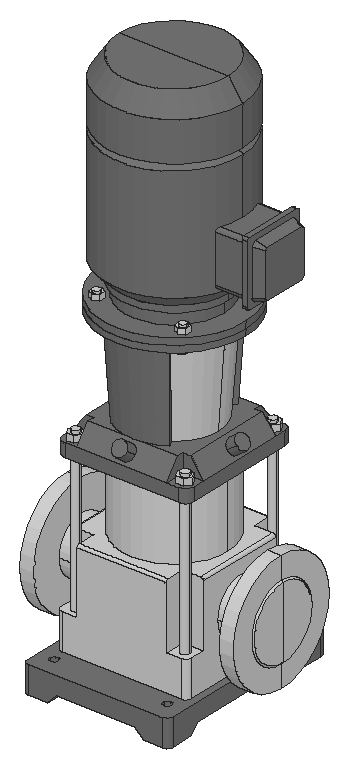
Revit family "TESK_Насос вертикальный_SVM(T)-45", category Оборудование, Revit 2019
Family settings
  Размер круглого соединителя = Использовать диаметр
  Классификация = Насос
  Тип детали = Вставляется
  На основе рабочей плоскости = Нет
  Всегда вертикально = Да
  При загрузке вырезать с полостями = Нет
  Общий = Нет
  Точка расчета площади = Нет
Parameters (values of type "Загрузите каталог типоразмеров TXT")
  Толщина_ФланцаДвигателя = Двигатель_Высота * 0.03  # 11.1 mm
  Таблица_Поиска = "TESK_SVM(T)-45"  # constant formula
  Производитель_Контакты = "info@teskpump.ru"
  Напор максимальный = 0
  Материал_КорпусУлитка = TESK_Нержавеющая сталь
  Материал_КорпусДвигателя = TESK_Черный_Ребра_Условный
  Материал_2 = TESK_Нержавеющая сталь
  Материал_1 = TESK_Черный_Условный
  Высота_Башня = size_lookup(Таблица_Поиска, "A5", 200 mm, ADSK_Марка)  # 200 mm
  Высота_Корпуса = size_lookup(Таблица_Поиска, "A1", 561 mm, ADSK_Марка)  # 561 mm
  Watermark [instance] = "Модели защищены уникальным кодом"
  URL = "www.teskpump.ru"
  D_Башня = Двигатель_Ширина * 0.75  # 172.5 mm
  ADSK_Свободный напор жидкости [instance] = 0.0 Pa
  ADSK_Расход жидкости [instance] = 0.0 L/s
  ADSK_Полная мощность = ADSK_Номинальная мощность * ADSK_Коэффициент мощности  # 0 kVA
  ADSK_Номинальная мощность = size_lookup(Таблица_Поиска, "Pow", 0 kW, ADSK_Марка)  # 0 kW
  ADSK_Напряжение = 400 V
  ADSK_Наименование краткое = "Вертикальный многоступенчатый центробежный насос"  # constant formula
  ADSK_Наименование = size_lookup(Таблица_Поиска, "Name", "Не найдено: Насос TESK SVM(T)-45", ADSK_Марка)  # "Не найдено: Насос TESK SVM(T)-45"
  ADSK_Масса_Текст = size_lookup(Таблица_Поиска, "mass_t", "Не найдено: Насос TESK SVM(T)-45", ADSK_Марка)  # "Не найдено: Насос TESK SVM(T)-45"
  ADSK_Масса = size_lookup(Таблица_Поиска, "mass", 0, ADSK_Марка)  # 0
  ADSK_Марка = "Загрузите каталог типоразмеров TXT"
  ADSK_Коэффициент мощности = 1
  ADSK_Количество фаз числовое = ADSK_Количество фаз  # 3
  ADSK_Количество фаз = if(ADSK_Напряжение = 230 V, 1, 3)  # 3
  ADSK_Количество = 1  # constant formula
  ADSK_Код изделия = size_lookup(Таблица_Поиска, "code", "Не найдено: Насос TESK SVM(T)-45", ADSK_Марка)  # "Не найдено: Насос TESK SVM(T)-45"
  ADSK_Классификация нагрузок = Прочее
  ADSK_Завод-изготовитель = "TESK"  # constant formula
  ADSK_Единица измерения = "шт."  # constant formula
  ADSK_Диаметр условный = 80 mm  # constant formula
  ADSK_Версия семейства = "1.0"  # constant formula
  ADSK_Версия Revit = "2019"  # constant formula
  Фланец_Толщина = 26 mm  # constant formula
  УГО_Длина = 365 mm  # constant formula
  Двигатель_Ширина = size_lookup(Таблица_Поиска, "A3", 230 mm, ADSK_Марка)  # 230 mm
  Двигатель_ОтступКоробки = size_lookup(Таблица_Поиска, "A4", 185 mm, ADSK_Марка)  # 185 mm
  Двигатель_Высота = size_lookup(Таблица_Поиска, "A2", 370 mm, ADSK_Марка)  # 370 mm
Reference planes
  plane 1 "По центру (Вперед/Назад)": y = 0
  plane 2: z = 0
  plane 3 "По центру (Влево/Вправо)": x = 0
  plane 4: x = -182.5
  plane 5: x = 182.5
  plane 6: x = -156.5
  plane 7: x = 156.5
  plane 8: z = -140
  plane 9: z = 421
  plane 10: z = 221
  plane 11: z = 199
  plane 12: x = -110
  plane 13: y = 110
  plane 14: x = 110
  plane 15: y = -110
  plane 16: x = -92
  plane 17: x = 92
  plane 18: y = -92
  plane 19: y = 92
  plane 20: z = 236
  plane 21: z = -95
  plane 22: x = -122.5
  plane 23: x = 122.5
  plane 24: y = -165
  plane 25: y = 165
  plane 26: z = -125
  plane 27: x = -80
  plane 28: x = 80
  plane 29: y = -165
  plane 30: y = 165
  plane 31: x = -122.5
  plane 32: x = 122.5
  plane 33: y = -118
  plane 34: y = 118
  plane 35: z = -125
  plane 36: x = -95
  plane 37: x = 95
  plane 38: y = -133
  plane 39: y = 133
  plane 40: z = 75
  plane 41: x = -110
  plane 42: x = 110
  plane 43: y = -110
  plane 44: y = 110
  plane 45: x = -110
  plane 46: x = 110
  plane 47: y = -110
  plane 48: y = 110
  plane 49: x = -75
  plane 50: x = 75
  plane 51: y = -75
  plane 52: y = 75
  plane 53: z = -35
  plane 54: x = -92
  plane 55: x = 92
  plane 56: y = -92
  plane 57: y = 92
  plane 58: x = -110
  plane 59: x = 110
  plane 60: y = -110
  plane 61: y = 110
  plane 62: x = -87
  plane 63: x = 87
  plane 64: y = -87
  plane 65: y = 87
  plane 66: z = 251
  plane 67: z = 409.9
  plane 68: x = -75
  plane 69: x = -86.25
  plane 70: x = 86.25
  plane 71: x = -87
  plane 72: x = -98.25
  plane 73: x = 75
  plane 74: x = 86.25
  plane 75: x = -86.25
  plane 76: x = 87
  plane 77: x = 98.25
  plane 78: z = 70
  plane 79: x = -105
  plane 80: x = -110
Forms (mm)
  Extrusion 1, solid, material "TESK_Нержавеющая сталь" <- "Материал_КорпусУлитка", detail levels fine
    sketch origin (0, 0, 0) x (0, 1, 0) y (0, 0, 1)
      loop
        circle (0, 0) r 47.5
    from -156.5 to 156.5
  Extrusion 2, solid, material "TESK_Черный_Условный" <- "Материал_1", detail levels fine
    sketch origin (0, 0, 0) x (1, 0, 0) y (0, 1, 0)
      loop
        line (-110, 95) -> (-110, -95)
        arc (-110, -95) -> (-105.607, -105.607) -> (-95, -110) r 15
        line (-95, -110) -> (95, -110)
        arc (95, -110) -> (105.607, -105.607) -> (110, -95) r 15
        line (110, -95) -> (110, 95)
        arc (110, 95) -> (105.607, 105.607) -> (95, 110) r 15
        line (95, 110) -> (-95, 110)
        arc (-95, 110) -> (-105.607, 105.607) -> (-110, 95) r 15
    from 199 to 221
  Extrusion 3, solid, material "TESK_Нержавеющая сталь" <- "Материал_2", detail levels fine
    sketch origin (0, 0, 0) x (1, 0, 0) y (0, 1, 0)
      loop
        circle (-92, 92) r 7
      loop
        circle (92, 92) r 7
      loop
        circle (-92, -92) r 7
      loop
        circle (92, -92) r 7
    from -35 to 236
  Extrusion 4, solid, material "TESK_Черный_Условный" <- "Материал_1", detail levels fine
    sketch origin (0, 0, 0) x (1, 0, 0) y (0, 1, 0)
      loop
        line (-122.5, 155) -> (-122.5, -155)
        arc (-122.5, -155) -> (-119.571, -162.071) -> (-112.5, -165) r 10
        line (-112.5, -165) -> (112.5, -165)
        arc (112.5, -165) -> (119.571, -162.071) -> (122.5, -155) r 10
        line (122.5, -155) -> (122.5, 155)
        arc (122.5, 155) -> (119.571, 162.071) -> (112.5, 165) r 10
        line (112.5, 165) -> (-112.5, 165)
        arc (-112.5, 165) -> (-119.571, 162.071) -> (-122.5, 155) r 10
    from -140 to -95
  Extrusion 5, void
    sketch origin (0, 0, 0) x (1, 0, 0) y (0, 0, 1)
      loop
        line (-65, -125) -> (-80, -140) -> (80, -140) -> (65, -125) -> (-65, -125)
    from -165 to 165
  Extrusion 6, void
    sketch origin (0, 0, 0) x (0, 1, 0) y (0, 0, 1)
      loop
        line (-103, -125) -> (-118, -140) -> (118, -140) -> (103, -125) -> (-103, -125)
    from -122.5 to 122.5
  Extrusion 7, void
    sketch origin (0, 0, 0) x (1, 0, 0) y (0, 1, 0)
      loop
        circle (-95, 133) r 7
      loop
        circle (95, 133) r 7
      loop
        circle (95, -133) r 7
      loop
        circle (-95, -133) r 7
    from -95 to -140
  Extrusion 8, solid, material "TESK_Нержавеющая сталь" <- "Материал_КорпусУлитка", detail levels fine
    sketch origin (0, 0, 0) x (1, 0, 0) y (0, 1, 0)
      loop
        arc (-100, 110) -> (-107.071, 107.071) -> (-110, 100) r 10
        line (-110, 100) -> (-110, -100)
        arc (-110, -100) -> (-107.071, -107.071) -> (-100, -110) r 10
        line (-100, -110) -> (100, -110)
        arc (100, -110) -> (107.071, -107.071) -> (110, -100) r 10
        line (110, -100) -> (110, 100)
        arc (110, 100) -> (107.071, 107.071) -> (100, 110) r 10
        line (100, 110) -> (-100, 110)
    from -95 to 75
  Extrusion 9, void
    sketch origin (0, 0, 0) x (1, 0, 0) y (0, 1, 0)
      loop
        line (-110, 75) -> (-75, 75) -> (-75, 110) -> (-110, 110) -> (-110, 75)
      loop
        line (75, 75) -> (110, 75) -> (110, 110) -> (75, 110) -> (75, 75)
      loop
        line (-110, -75) -> (-110, -110) -> (-75, -110) -> (-75, -75) -> (-110, -75)
      loop
        line (75, -75) -> (75, -110) -> (110, -110) -> (110, -75) -> (75, -75)
    from -35 to 251
  Extrusion 10, solid, material "TESK_Нержавеющая сталь" <- "Материал_2", detail levels fine
    sketch origin (0, 0, 0) x (1, 0, 0) y (0, 1, 0)
      loop
        circle (0, 0) r 90
    from 75 to 199
  Blend 11, solid, material "TESK_Черный_Условный" <- "Материал_1", detail levels fine
    base sketch origin (0, 0, 0) x (1, 0, 0) y (0, 1, 0)
      loop
        line (-110, 110) -> (-110, -110) -> (110, -110) -> (110, 110) -> (-110, 110)
    top sketch origin (0, 0, 0) x (1, 0, 0) y (0, 1, 0)
      loop
        line (-87, 87) -> (-87, -87) -> (87, -87) -> (87, 87) -> (-87, 87)
    from 221 to 251
  Blend 12, solid, material "TESK_Нержавеющая сталь" <- "Материал_2", detail levels fine
    base sketch origin (0, 0, 0) x (1, 0, 0) y (0, 1, 0)
      loop
        circle (0, 0) r 75
    top sketch origin (0, 0, 0) x (1, 0, 0) y (0, 1, 0)
      loop
        circle (0, 0) r 86.25
    from 251 to 409.9
  Revolve 13, solid, material "TESK_Черный_Условный" <- "Материал_1", detail levels fine
    sketch origin (0, 0, 0) x (1, 0, 0) y (0, 0, 1)
      loop
        line (-98.25, 409.9) -> (-87, 251) -> (-75, 251) -> (-86.25, 409.9) -> (-98.25, 409.9)
      axis (0, 251) -> (0, 409.9)
    angle from 125 to 55
  Revolve 14, solid, material "TESK_Черный_Условный" <- "Материал_1", detail levels fine
    sketch origin (0, 0, 0) x (-1, 0, 0) y (0, 0, 1)
      loop
        line (-98.25, 409.9) -> (-87, 251) -> (-75, 251) -> (-86.25, 409.9) -> (-98.25, 409.9)
      axis (0, 251) -> (0, 409.9)
    angle from -125 to -55
  Sweep 15, void
    path in 3D
      loop
        arc (-110, -100, 75) -> (-107.071, -107.071, 75) -> (-100, -110, 75) r 10
        line (-100, -110, 75) -> (100, -110, 75)
        arc (100, -110, 75) -> (107.071, -107.071, 75) -> (110, -100, 75) r 10
        line (110, -100, 75) -> (110, 100, 75)
        arc (110, 100, 75) -> (107.071, 107.071, 75) -> (100, 110, 75) r 10
        line (100, 110, 75) -> (-100, 110, 75)
        arc (-100, 110, 75) -> (-107.071, 107.071, 75) -> (-110, 100, 75) r 10
        line (-110, 100, 75) -> (-110, -100, 75)
    profile origin (-110, 0, 75) x (1, 0, 0) y (0, 0, 1)
      loop
        line (0, 0) -> (0, -5)
        arc (0, -5) -> (1.464, -1.464) -> (5, 0) r 5
        line (5, 0) -> (0, 0)
Cuts and joins
  Extrusion 5, Extrusion 6, Extrusion 7 cuts Extrusion 4
  Extrusion 9 cuts Blend 11
  Extrusion 9, Sweep 15 cuts Extrusion 8
Lines and regions (mm)
  sketch lines
    curve 1: line (-110, 100, 75) -> (-110, -100, 75)
    curve 2: arc (-100, -110, 75) -> (-107.071, -107.071, 75) -> (-110, -100, 75) r 10
    curve 3: line (-100, -110, 75) -> (100, -110, 75)
    curve 4: arc (110, -100, 75) -> (107.071, -107.071, 75) -> (100, -110, 75) r 10
    curve 5: line (110, -100, 75) -> (110, 100, 75)
    curve 6: arc (100, 110, 75) -> (107.071, 107.071, 75) -> (110, 100, 75) r 10
    curve 7: line (100, 110, 75) -> (-100, 110, 75)
    curve 8: arc (-110, 100, 75) -> (-107.071, 107.071, 75) -> (-100, 110, 75) r 10
Dimensions and locks
  locked: plane 2 to plane 8 at 140
  "Высота_Башня": plane 9 to plane 10
  locked: plane 10 to plane 11 at 22
  equal spacing: plane 12, plane 3 "По центру (Влево/Вправо)", plane 14
  equal spacing: plane 13, plane 1 "По центру (Вперед/Назад)", plane 15
  locked: plane 15 to plane 1 "По центру (Вперед/Назад)" at 110
  locked: plane 12 to plane 3 "По центру (Влево/Вправо)" at 110
  equal spacing: plane 16, plane 3 "По центру (Влево/Вправо)", plane 17
  locked: plane 16 to plane 3 "По центру (Влево/Вправо)" at 92
  equal spacing: plane 19, plane 1 "По центру (Вперед/Назад)", plane 18
  locked: plane 19 to plane 1 "По центру (Вперед/Назад)" at 92
  locked: plane 20 to plane 10 at 15
  locked: plane 21 to plane 8 at 45
  equal spacing: plane 22, plane 3 "По центру (Влево/Вправо)", plane 23
  locked: plane 22 to plane 3 "По центру (Влево/Вправо)" at 122.5
  equal spacing: plane 25, plane 1 "По центру (Вперед/Назад)", plane 24
  locked: plane 25 to plane 1 "По центру (Вперед/Назад)" at 165
  locked: plane 26 to plane 8 at 15
  equal spacing: plane 28, plane 3 "По центру (Влево/Вправо)", plane 27
  locked: plane 3 "По центру (Влево/Вправо)" to plane 27 at 80
  equal spacing: plane 29, plane 1 "По центру (Вперед/Назад)", plane 30
  locked: plane 29 to plane 1 "По центру (Вперед/Назад)" at 165
  equal spacing: plane 32, plane 3 "По центру (Влево/Вправо)", plane 31
  locked: plane 3 "По центру (Влево/Вправо)" to plane 31 at 122.5
  equal spacing: plane 33, plane 1 "По центру (Вперед/Назад)", plane 34
  locked: plane 33 to plane 1 "По центру (Вперед/Назад)" at 118
  locked: plane 35 to plane 8 at 15
  equal spacing: plane 36, plane 3 "По центру (Влево/Вправо)", plane 37
  equal spacing: plane 39, plane 1 "По центру (Вперед/Назад)", plane 38
  locked: plane 39 to plane 1 "По центру (Вперед/Назад)" at 133
  locked: plane 3 "По центру (Влево/Вправо)" to plane 37 at 95
  locked: plane 40 to plane 21 at 170
  equal spacing: plane 41, plane 3 "По центру (Влево/Вправо)", plane 42
  equal spacing: plane 44, plane 1 "По центру (Вперед/Назад)", plane 43
  locked: plane 43 to plane 1 "По центру (Вперед/Назад)" at 110
  locked: plane 3 "По центру (Влево/Вправо)" to plane 42 at 110
  equal spacing: plane 48, plane 1 "По центру (Вперед/Назад)", plane 47
  equal spacing: plane 45, plane 3 "По центру (Влево/Вправо)", plane 46
  locked: plane 45 to plane 3 "По центру (Влево/Вправо)" at 110
  locked: plane 48 to plane 1 "По центру (Вперед/Назад)" at 110
  locked: plane 48 to plane 52 at 35
  locked: plane 51 to plane 47 at 35
  locked: plane 45 to plane 49 at 35
  locked: plane 50 to plane 46 at 35
  locked: plane 2 to plane 53 at 35
  equal spacing: plane 57, plane 1 "По центру (Вперед/Назад)", plane 56
  locked: plane 57 to plane 1 "По центру (Вперед/Назад)" at 92
  equal spacing: plane 54, plane 3 "По центру (Влево/Вправо)", plane 55
  locked: plane 3 "По центру (Влево/Вправо)" to plane 55 at 92
  equal spacing: plane 61, plane 1 "По центру (Вперед/Назад)", plane 60
  equal spacing: plane 58, plane 3 "По центру (Влево/Вправо)", plane 59
  locked: plane 58 to plane 3 "По центру (Влево/Вправо)" at 110
  locked: plane 1 "По центру (Вперед/Назад)" to plane 61 at 110
  equal spacing: plane 62, plane 3 "По центру (Влево/Вправо)", plane 63
  equal spacing: plane 65, plane 1 "По центру (Вперед/Назад)", plane 64
  locked: plane 1 "По центру (Вперед/Назад)" to plane 65 at 87
  locked: plane 62 to plane 3 "По центру (Влево/Вправо)" at 87
  locked: plane 66 to plane 10 at 30
  "Толщина_ФланцаДвигателя": plane 9 to plane 67
  equal spacing: plane 70, plane 3 "По центру (Влево/Вправо)", plane 69
  "D_Башня": plane 70 to plane 69
  locked: plane 3 "По центру (Влево/Вправо)" to plane 68 at 75
  locked: plane 69 to plane 72 at 12
  locked: plane 68 to plane 71 at 12
  "D_Башня": plane 75 to plane 74
  locked: plane 74 to plane 77 at 12
  locked: plane 73 to plane 76 at 12
  equal spacing: plane 75, plane 3 "По центру (Влево/Вправо)", plane 74
  locked: plane 73 to plane 3 "По центру (Влево/Вправо)" at 75
  equal spacing: plane 5, plane 3 "По центру (Влево/Вправо)", plane 4
  locked: plane 3 "По центру (Влево/Вправо)" to plane 4 at 182.5
  "Фланец_Толщина": plane 6 to plane 4
  "Фланец_Толщина": plane 5 to plane 7
  "Высота_Корпуса": plane 9 to plane 8
  locked: plane 79 to plane 80 at 5
  locked: plane 40 to plane 78 at 5
  locked: plane 3 "По центру (Влево/Вправо)" to plane 80 at 110
  diameter of Extrusion 1 sketch curve = 95 mm
  radius of Extrusion 2 sketch curve = 15 mm  (x4)
  diameter of Extrusion 3 sketch curve = 14 mm  (x4)
  radius of Extrusion 4 sketch curve = 10 mm  (x4)
  diameter of Extrusion 7 sketch curve = 14 mm  (x4)
  radius of Extrusion 8 sketch curve = 10 mm  (x4)
  diameter of Blend 12 sketch curve = 150 mm
  "D_Башня": diameter of Blend 12 sketch curve
  diameter of Extrusion 10 sketch curve = 180 mm
  radius of Sweep 15 sketch curve = 5 mm
  locked: Extrusion 5 sketch curve to plane 27 (angle 45.00°)
  locked: plane 28 to Extrusion 5 sketch curve (angle 45.00°)
  locked: Extrusion 6 sketch curve to plane 33 (angle 45.00°)
  locked: plane 34 to Extrusion 6 sketch curve (angle 45.00°)
  aligned and locked: level to plane 2
  aligned and locked: plane 1 "По центру (Вперед/Назад)" to nested 1
  aligned and locked: nested 2 to plane 1 "По центру (Вперед/Назад)"
  aligned and locked: plane 4 to nested 1
  aligned and locked: nested 2 to plane 5
  aligned and locked: Extrusion 1 to plane 6
  aligned and locked: plane 7 to Extrusion 1
  aligned and locked: Extrusion 2 sketch curve to plane 12
  aligned and locked: Extrusion 2 sketch curve to plane 13
  aligned and locked: Extrusion 2 sketch curve to plane 14
  aligned and locked: Extrusion 2 sketch curve to plane 15
  aligned and locked: plane 10 to Extrusion 2
  aligned and locked: Extrusion 2 to plane 11
  aligned and locked: plane 19 to Extrusion 3 sketch curve  (x2)
  aligned and locked: plane 16 to Extrusion 3 sketch curve  (x2)
  aligned and locked: plane 17 to Extrusion 3 sketch curve  (x2)
  aligned and locked: plane 18 to Extrusion 3 sketch curve  (x2)
  aligned and locked: Extrusion 3 to plane 20
  aligned and locked: plane 3 "По центру (Влево/Вправо)" to nested 3
  aligned and locked: plane 1 "По центру (Вперед/Назад)" to nested 3
  aligned and locked: plane 9 to nested 3
  aligned and locked: Extrusion 4 sketch curve to plane 22
  aligned and locked: Extrusion 4 sketch curve to plane 25
  aligned and locked: Extrusion 4 sketch curve to plane 23
  aligned and locked: Extrusion 4 sketch curve to plane 24
  aligned and locked: plane 21 to Extrusion 4
  aligned and locked: Extrusion 4 to plane 8
  aligned and locked: Extrusion 5 sketch curve to plane 26
  aligned and locked: Extrusion 5 sketch curve to plane 27
  aligned and locked: Extrusion 5 sketch curve to plane 8
  aligned and locked: Extrusion 5 sketch curve to plane 28
  aligned and locked: plane 8 to Extrusion 5 sketch curve
  aligned and locked: Extrusion 5 to plane 29
  aligned and locked: Extrusion 5 to plane 30
  aligned and locked: Extrusion 6 sketch curve to plane 35
  aligned and locked: Extrusion 6 sketch curve to plane 8
  aligned and locked: Extrusion 6 sketch curve to plane 34
  aligned and locked: plane 8 to Extrusion 6 sketch curve
  aligned and locked: Extrusion 6 sketch curve to plane 33
  aligned and locked: Extrusion 6 to plane 31
  aligned and locked: Extrusion 6 to plane 32
  aligned and locked: plane 39 to Extrusion 7 sketch curve  (x2)
  aligned and locked: plane 36 to Extrusion 7 sketch curve  (x2)
  aligned and locked: plane 37 to Extrusion 7 sketch curve  (x2)
  aligned and locked: plane 38 to Extrusion 7 sketch curve  (x2)
  aligned and locked: Extrusion 7 to plane 21
  aligned and locked: Extrusion 7 to plane 8
  aligned and locked: Extrusion 8 sketch curve to plane 44
  aligned and locked: Extrusion 8 sketch curve to plane 41
  aligned and locked: Extrusion 8 sketch curve to plane 42
  aligned and locked: Extrusion 8 sketch curve to plane 43
  aligned and locked: Extrusion 8 to plane 21
  aligned and locked: plane 40 to Extrusion 8
  aligned and locked: Extrusion 9 sketch curve to plane 52  (x2)
  aligned and locked: Extrusion 9 sketch curve to plane 45
  aligned and locked: Extrusion 9 sketch curve to plane 48  (x2)
  aligned and locked: Extrusion 9 sketch curve to plane 49
  aligned and locked: Extrusion 9 sketch curve to plane 50
  aligned and locked: Extrusion 9 sketch curve to plane 46
  aligned and locked: plane 45 to Extrusion 9 sketch curve
  aligned and locked: Extrusion 9 sketch curve to plane 47  (x2)
  aligned and locked: plane 49 to Extrusion 9 sketch curve
  aligned and locked: Extrusion 9 sketch curve to plane 51  (x2)
  aligned and locked: plane 50 to Extrusion 9 sketch curve
  aligned and locked: plane 46 to Extrusion 9 sketch curve
  aligned and locked: Extrusion 9 to plane 53
  aligned and locked: Extrusion 10 to plane 40
  aligned and locked: plane 11 to Extrusion 10
  aligned and locked: nested 4 to plane 10
  aligned and locked: nested 4 to plane 54
  aligned and locked: plane 56 to nested 4
  aligned and locked: Extrusion 3 to plane 53
  aligned and locked: nested 5 to plane 55
  aligned and locked: nested 5 to plane 56
  aligned and locked: plane 55 to nested 7
  aligned and locked: nested 7 to plane 57
  aligned and locked: plane 54 to nested 6
  aligned and locked: plane 57 to nested 6
  aligned and locked: plane 10 to nested 5
  aligned and locked: nested 7 to plane 10
  aligned and locked: plane 10 to nested 6
  aligned and locked: Blend 11 sketch curve to plane 58
  aligned and locked: Blend 11 sketch curve to plane 61
  aligned and locked: Blend 11 sketch curve to plane 60
  aligned and locked: Blend 11 sketch curve to plane 59
  aligned and locked: Blend 11 sketch curve to plane 65
  aligned and locked: Blend 11 sketch curve to plane 62
  aligned and locked: Blend 11 sketch curve to plane 63
  aligned and locked: Blend 11 sketch curve to plane 64
  aligned and locked: Blend 11 to plane 10
  aligned and locked: plane 66 to Extrusion 9
  aligned and locked: plane 66 to Blend 11
  aligned and locked: plane 3 "По центру (Влево/Вправо)" to Blend 12 sketch curve  (x2)
  aligned and locked: plane 1 "По центру (Вперед/Назад)" to Blend 12 sketch curve  (x2)
  aligned and locked: Blend 12 to plane 66
  aligned and locked: plane 67 to Blend 12
  aligned and locked: plane 3 "По центру (Влево/Вправо)" to Revolve 13 sketch curve
  aligned and locked: Revolve 13 sketch curve to plane 67
  aligned and locked: Revolve 13 sketch curve to plane 66
  aligned and locked: plane 71 to Revolve 13 sketch curve
  aligned and locked: plane 68 to Revolve 13 sketch curve
  aligned and locked: plane 72 to Revolve 13 sketch curve
  aligned and locked: plane 69 to Revolve 13 sketch curve
  aligned and locked: plane 66 to Revolve 14 sketch curve
  aligned and locked: plane 76 to Revolve 14 sketch curve
  aligned and locked: plane 73 to Revolve 14 sketch curve
  aligned and locked: plane 67 to Revolve 14 sketch curve
  aligned and locked: plane 77 to Revolve 14 sketch curve
  aligned and locked: plane 74 to Revolve 14 sketch curve
  aligned and locked: plane 3 "По центру (Влево/Вправо)" to Revolve 14 sketch curve
  aligned and locked: nested 8 to plane 1 "По центру (Вперед/Назад)"
  aligned and locked: nested 8 to plane 3 "По центру (Влево/Вправо)"
  aligned and locked: nested 9 to plane 1 "По центру (Вперед/Назад)"
  aligned and locked: plane 2 to nested 9
  aligned and locked: nested 9 to plane 3 "По центру (Влево/Вправо)"
  aligned and locked: plane 3 "По центру (Влево/Вправо)" to Extrusion 10 sketch curve
  aligned and locked: plane 1 "По центру (Вперед/Назад)" to Extrusion 10 sketch curve
  aligned and locked: plane 3 "По центру (Влево/Вправо)" to nested 10
  aligned and locked: Sweep 15 sketch curve to plane 80
  aligned and locked: Sweep 15 sketch curve to plane 40
  aligned and locked: plane 78 to Sweep 15 sketch curve
  aligned and locked: plane 79 to Sweep 15 sketch curve
  aligned and locked: nested 11 to plane 1 "По центру (Вперед/Назад)"
Automatic sketch dimensions
  Extrusion 1 sketch curve to level = 0 mm
  Extrusion 1 sketch curve to plane 1 "По центру (Вперед/Назад)" = 0 mm
  plane 66 to Revolve 13 sketch curve = 50 mm
  Revolve 13 sketch curve to plane 67 = 33.01 mm
  Revolve 14 sketch curve to plane 66 = 50 mm
  plane 67 to Revolve 14 sketch curve = 33.01 mm
Nested families
  nested 1: "Фланец_Круглый" at (-156.5, 0, 0), Толщина_Фланца <- "Фланец_Толщина", ADSK_Материал <- "Материал_КорпусУлитка", type "Фланец_Круглый", detail levels fine
    with Толщина_Фланца 26 mm, Толщина_Зеркала 3 mm, Dнар_Фланца 200 mm, D_Зеркала 120 mm, ADSK_Материал TESK_Нержавеющая сталь
  nested 2: "Фланец_Круглый" at (156.5, 0, 0) x (-1, 0, 0) z (0, 0, 1), Толщина_Фланца <- "Фланец_Толщина", ADSK_Материал <- "Материал_КорпусУлитка", type "Фланец_Круглый", detail levels fine
    with Толщина_Фланца 26 mm, Толщина_Зеркала 3 mm, Dнар_Фланца 200 mm, D_Зеркала 120 mm, ADSK_Материал TESK_Нержавеющая сталь
  nested 3: "Электродвигатель" at (0, 0, 421), Материал_Метизы <- "Материал_2", Материал_Основной <- "Материал_1", Материал_Ребра <- "Материал_КорпусДвигателя", Высота_Двигателя <- "Двигатель_Высота", Отступ_Коробка <- "Двигатель_ОтступКоробки", Ширина_Двигателя <- "Двигатель_Ширина", type "Электродвигатель", detail levels fine
    with Ширина_Коробки 92.5 mm, Ширина_Двигателя 230 mm, Толщина_ШляпкаБолта 7.245 mm, Толщина_Фланца 11.1 mm, Толщина_КрышкаКоробки 27.75 mm, Толщина_Гайки 9.056 mm, Отступ_Коробка 185 mm, Материал_Ребра TESK_Черный_Ребра_Условный, Материал_Основной TESK_Черный_Условный, Материал_Метизы TESK_Нержавеющая сталь, Коробка_Начало 74 mm, Длина_МеждуБолтами 144.9 mm, Выступ_КрышкаКоробки 7.4 mm, Высота_Двигателя 370 mm, Вылет_Болтов 11.773 mm, r2 92 mm, r1 85.1 mm, l3 3.7 mm, l2 6.475 mm, l1 6.475 mm, h6 23 mm, h5 33.3 mm, h4 111 mm, h3 99.9 mm, h2 33.3 mm, h1 22.2 mm, S_Метизы 18.113 mm, R_Верхушка 11.1 mm, R_2 3.7 mm, R_1 6.475 mm, D_Фланец 241.5 mm, D_Болты 12.075 mm
  nested 4: "Гайка_Условная" at (-92, -92, 221) x (-1, 0, 0) z (0, 0, 1), Материал1 <- "Материал_2", type "Гайка_Условная", detail levels fine
    with Толщина_Гайка 11 mm, Материал1 TESK_Нержавеющая сталь, S_Гайка 22 mm, D_Вн 14 mm
  nested 5: "Гайка_Условная" at (92, -92, 221), Материал1 <- "Материал_2", type "Гайка_Условная", detail levels fine
    with Толщина_Гайка 11 mm, Материал1 TESK_Нержавеющая сталь, S_Гайка 22 mm, D_Вн 14 mm
  nested 6: "Гайка_Условная" at (-92, 92, 221) x (-1, 0, 0) z (0, 0, 1), Материал1 <- "Материал_2", type "Гайка_Условная", detail levels fine
    with Толщина_Гайка 11 mm, Материал1 TESK_Нержавеющая сталь, S_Гайка 22 mm, D_Вн 14 mm
  nested 7: "Гайка_Условная" at (92, 92, 221), Материал1 <- "Материал_2", type "Гайка_Условная", detail levels fine
    with Толщина_Гайка 11 mm, Материал1 TESK_Нержавеющая сталь, S_Гайка 22 mm, D_Вн 14 mm
  nested 8: "Вл_УГО_Насос_2D" at (0, 0, 0) x (-1, 0, 0) z (0, 0, 1), L_УГО <- "УГО_Длина", type "Вл_УГО_Насос_2D", detail levels coarse+medium
    with L_УГО 365 mm
  nested 9: "Вл_УГО_Насос_3D" at (0, 0, 0) x (-1, 0, 0) z (0, -1, 0), L_УГО <- "УГО_Длина", type "Вл_УГО_Насос_3D", detail levels coarse+medium
    with L_УГО 365 mm
  nested 10: "Бобышка_Условная" at (0, -98.5, 236) x (1, 0, 0) z (0, -0.7936, 0.6084), Материал <- "Материал_1", type "Бобышка_Условная", detail levels fine
    with Материал TESK_Черный_Условный, Длина 20 mm, Диаметр 25.3 mm
  nested 11: "Бобышка_Условная" at (98.5, 0, 236) x (0, 1, 0) z (0.7936, 0, 0.6084), Материал <- "Материал_1", type "Бобышка_Условная", detail levels fine
    with Материал TESK_Черный_Условный, Длина 20 mm, Диаметр 25.3 mm
Connectors
  electrical at (0, 0, 691.1), driven by "ADSK_Количество фаз", driven by "ADSK_Классификация нагрузок", driven by "ADSK_Напряжение", driven by "ADSK_Полная мощность", driven by "ADSK_Коэффициент мощности"
    settings: on nested 3, index 1, voltage 400 V, apparent load 0 kVA, apparent load phase1 0 kVA, apparent load phase2 0 kVA, apparent load phase3 0 kVA, power factor 1, load classification "Прочее", number of poles 3, system type 30, power factor state 1, is connector primary yes, connector utility no, sub classification motor no, connector description ""
  piping at (-182.5, 0, 0), diameter 80, driven by "ADSK_Диаметр условный", driven by "ADSK_Расход жидкости"
    settings: on nested 1, index 2, connector inside diameter 609.6 mm, connector length 0 mm, flow factor 0, pipe flow 0.0 L/s, pressure drop 0.0 Pa, fitting loss kfactor 0, connector angle 0.00°, fixture units 0, engagement length 0 mm, angle of deflection 0.00°, flow configuration 0, flow direction 1, fitting loss method 0, system type 29, joint type 0, gender type 0, connector reference index -1, connector utility 0, adjustable connector no, is connector primary yes, connector description ""
  piping at (182.5, 0, 0), diameter 80, driven by "ADSK_Диаметр условный", driven by "ADSK_Расход жидкости"
    settings: on nested 2, index 3, connector inside diameter 609.6 mm, connector length 0 mm, flow factor 0, pipe flow 0.0 L/s, pressure drop 0.0 Pa, fitting loss kfactor 0, connector angle 0.00°, fixture units 0, engagement length 0 mm, angle of deflection 0.00°, flow configuration 0, flow direction 2, fitting loss method 0, system type 29, joint type 0, gender type 0, connector reference index -1, connector utility 0, adjustable connector no, is connector primary no, connector description ""
Definition of nested family "Фланец_Круглый"
  Parameters (values of type "Фланец_Круглый")
    Толщина_Фланца [instance] = 30 mm
    Толщина_Зеркала [instance] = 2 mm
    Dнар_Фланца [instance] = 200 mm
    D_Зеркала [instance] = 90 mm
    ADSK_Материал [instance] = none
  Reference planes
    plane 1 "По центру (Вперед/Назад)": y = 0
    plane 2: z = 0
    plane 3 "По центру (Влево/Вправо)": x = 0
    plane 4: z = 100
    plane 5: z = -100
    plane 6: x = -30
    plane 7: x = -28
    plane 8: z = 45
    plane 9: z = -45
  Forms (mm)
    Revolve 1, solid, material <- "ADSK_Материал"
      sketch origin (0, 0, 0) x (1, 0, 0) y (0, 0, 1)
        loop
          line (0, 100) -> (-28, 100) -> (-28, 0) -> (0, 0) -> (0, 100)
        axis (-28, 0) -> (0, 0)
      angle from 0 to 360
    Revolve 2, solid, material <- "ADSK_Материал"
      sketch origin (0, 0, 0) x (1, 0, 0) y (0, 0, 1)
        loop
          line (-28, 47) -> (-30, 45) -> (-30, 0) -> (-28, 0) -> (-28, 47)
        axis (-30, 0) -> (-28, 0)
      angle from 0 to 360
  Cuts and joins
    joined: Revolve 1, Revolve 2
  Dimensions and locks
    equal spacing: plane 4, plane 2, plane 5
    "Dнар_Фланца": plane 4 to plane 5
    "Толщина_Фланца": plane 3 "По центру (Влево/Вправо)" to plane 6
    "Толщина_Зеркала": plane 7 to plane 6
    equal spacing: plane 8, plane 2, plane 9
    "D_Зеркала": plane 8 to plane 9
    locked: Revolve 2 sketch curve to plane 6 (angle 45.00°)
    aligned and locked: level to plane 2
    aligned and locked: Revolve 1 sketch curve to plane 2  (x2)
    aligned and locked: Revolve 1 sketch curve to plane 3 "По центру (Влево/Вправо)"
    aligned and locked: Revolve 1 sketch curve to plane 7
    aligned and locked: Revolve 1 sketch curve to plane 4
    aligned and locked: Revolve 2 sketch curve to plane 2  (x2)
    aligned and locked: Revolve 2 sketch curve to plane 7
    aligned and locked: Revolve 2 sketch curve to plane 6
    aligned and locked: plane 8 to Revolve 2 sketch curve
  Automatic sketch dimensions
    plane 7 to Revolve 1 sketch curve = 5 mm
    Revolve 1 sketch curve to plane 3 "По центру (Влево/Вправо)" = 2 mm
    plane 7 to Revolve 2 sketch curve = 12.352 mm
    Revolve 2 sketch curve to plane 3 "По центру (Влево/Вправо)" = 5.648 mm
Definition of nested family "Электродвигатель"
  Parameters (values of type "Электродвигатель")
    Ширина_Коробки [instance] = Отступ_Коробка * 0.5  # 77.5 mm
    Ширина_Двигателя [instance] = 190 mm
    Толщина_ШляпкаБолта [instance] = S_Метизы * 0.4  # 5.985 mm
    Толщина_Фланца [instance] = Высота_Двигателя * 0.03  # 9.99 mm
    Толщина_КрышкаКоробки [instance] = Отступ_Коробка * 0.15  # 23.25 mm
    Толщина_Гайки [instance] = S_Метизы * 0.5  # 7.481 mm
    Материал_Ребра [instance] = none
    Материал_Основной [instance] = none
    Материал_Метизы [instance] = none
    Коробка_Начало [instance] = Высота_Двигателя * 0.2  # 66.6 mm
    Отступ_Коробка [instance] = 155 mm
    Длина_МеждуБолтами [instance] = D_Фланец * 0.6  # 119.7 mm
    Выступ_КрышкаКоробки [instance] = Ширина_Коробки * 0.08  # 6.2 mm
    Высота_Двигателя [instance] = 333 mm
    Вылет_Болтов [instance] = Толщина_Гайки * 1.3  # 9.726 mm
    r2 [instance] = Ширина_Двигателя * 0.4  # 76 mm
    r1 [instance] = Ширина_Двигателя * 0.37  # 70.3 mm
    l3 [instance] = Ширина_Коробки * 0.04  # 3.1 mm
    l2 [instance] = Ширина_Коробки * 0.07  # 5.425 mm
    l1 [instance] = Ширина_Коробки * 0.07  # 5.425 mm
    h6 [instance] = Ширина_Двигателя / 2 - r2  # 19 mm
    h5 [instance] = Высота_Двигателя * 0.09  # 29.97 mm
    h4 [instance] = Высота_Двигателя * 0.3  # 99.9 mm
    h3 [instance] = Высота_Двигателя * 0.27  # 89.91 mm
    h2 [instance] = Высота_Двигателя * 0.09  # 29.97 mm
    h1 [instance] = Высота_Двигателя * 0.06  # 19.98 mm
    S_Метизы [instance] = D_Болты * 1.5  # 14.962 mm
    R_Верхушка [instance] = h5 / 3  # 9.99 mm
    R_2 [instance] = Ширина_Коробки * 0.04  # 3.1 mm
    R_1 [instance] = Ширина_Коробки * 0.07  # 5.425 mm
    D_Фланец [instance] = Ширина_Двигателя * 1.05  # 199.5 mm
    D_Болты [instance] = D_Фланец * 0.05  # 9.975 mm
  Reference planes
    plane 1 "По центру (Вперед/Назад)": y = 0
    plane 2: z = 0
    plane 3 "По центру (Влево/Вправо)": x = 0
    plane 4: z = 333
    plane 5: x = -95
    plane 6: x = 95
    plane 7: x = 155
    plane 8: z = 9.99
    plane 9: z = -9.99
    plane 10: z = 29.97
    plane 11: z = 39.96
    plane 12: z = 303.03
    plane 13: x = -70.3
    plane 14: x = -76
    plane 15: z = 233.1
    plane 16: x = -93
    plane 17: z = 243.09
    plane 18: x = -69.018
    plane 19: z = 144.1
    plane 20: z = 66.6
    plane 21: y = -38.75
    plane 22: y = 38.75
    plane 23: x = 131.75
    plane 24: x = 139.5
    plane 25: x = 147.25
    plane 26: y = -44.95
    plane 27: z = 150.3
    plane 28: y = 44.95
    plane 29: z = 60.4
    plane 30: x = -59.85
    plane 31: x = 59.85
    plane 32: y = 59.85
    plane 33: y = -59.85
    plane 34: z = -15.975
    plane 35: z = 19.716
    plane 36: z = 72.025
    plane 37: z = 138.675
    plane 38: y = -33.325
    plane 39: y = 33.325
    plane 40: y = -33.325
    plane 41: z = 138.675
    plane 42: z = 72.025
    plane 43: y = 33.325
    plane 44: y = -30.225
    plane 45: z = 135.575
    plane 46: z = 75.125
    plane 47: y = 30.225
    plane 48: z = 17.471
    plane 49: z = 252.1
    plane 50: z = 39.96
    plane 51: x = -76
    plane 52: z = 233.1
    plane 53: z = 252.1
  Forms (mm)
    Revolve 1, solid, material <- "Материал_Основной"
      sketch origin (0, 0, 0) x (1, 0, 0) y (0, 0, 1)
        loop
          line (0, 39.96) -> (-76, 39.96) -> (-76, 29.97) -> (-70.3, 29.97) -> (-70.3, 9.99) -> (0, 9.99) -> (0, 39.96)
        loop
          line (-76, 303.03) -> (-76, 252.1) -> (0, 252.1) -> (0, 333) -> (-74.015, 333) -> (-95, 303.03) -> (-95, 243.09) -> (-93, 243.09) -> (-93, 303.03) -> (-76, 303.03)
        axis (0, 9.99) -> (0, 333)
      angle from 0 to 360
    Extrusion 2, solid, material <- "Материал_Основной"
      sketch origin (0, 0, 0) x (1, 0, 0) y (0, 1, 0)
        loop
          circle (0, 0) r 99.75
      from 0 to -9.99
    Extrusion 3, solid, material <- "Материал_Основной"
      sketch origin (0, 0, 0) x (1, 0, 0) y (0, 1, 0)
        loop
          circle (0, 0) r 99.75
      from 0 to 9.99
    Extrusion 4, solid, material <- "Материал_Основной"
      sketch origin (0, 0, 0) x (0, 1, 0) y (0, 0, 1)
        loop
          line (-38.75, 138.675) -> (-38.75, 72.025)
          arc (-38.75, 72.025) -> (-37.161, 68.189) -> (-33.325, 66.6) r 5.425
          line (-33.325, 66.6) -> (33.325, 66.6)
          arc (33.325, 66.6) -> (37.161, 68.189) -> (38.75, 72.025) r 5.425
          line (38.75, 72.025) -> (38.75, 138.675)
          arc (38.75, 138.675) -> (37.161, 142.511) -> (33.325, 144.1) r 5.425
          line (33.325, 144.1) -> (-33.325, 144.1)
          arc (-33.325, 144.1) -> (-37.161, 142.511) -> (-38.75, 138.675) r 5.425
      from 0 to 131.75
    Extrusion 5, solid, material <- "Материал_Основной"
      sketch origin (0, 0, 0) x (0, 1, 0) y (0, 0, 1)
        loop
          line (-41.85, 60.4) -> (41.85, 60.4)
          arc (41.85, 60.4) -> (44.042, 61.308) -> (44.95, 63.5) r 3.1
          line (44.95, 63.5) -> (44.95, 147.2)
          arc (44.95, 147.2) -> (44.042, 149.392) -> (41.85, 150.3) r 3.1
          line (41.85, 150.3) -> (-41.85, 150.3)
          arc (-41.85, 150.3) -> (-44.042, 149.392) -> (-44.95, 147.2) r 3.1
          line (-44.95, 147.2) -> (-44.95, 63.5)
          arc (-44.95, 63.5) -> (-44.042, 61.308) -> (-41.85, 60.4) r 3.1
      from 131.75 to 139.5
    Extrusion 6, solid, material <- "Материал_Метизы"
      sketch origin (0, 0, 0) x (1, 0, 0) y (0, 1, 0)
        loop
          circle (-59.85, 59.85) r 4.987
        loop
          circle (59.85, 59.85) r 4.987
        loop
          circle (-59.85, -59.85) r 4.987
        loop
          circle (59.85, -59.85) r 4.987
      from 9.99 to 19.716
    Blend 7, solid, material <- "Материал_Основной"
      base sketch origin (0, 0, 0) x (0, 1, 0) y (0, 0, 1)
        loop
          line (-33.325, 144.1) -> (-38.75, 138.675) -> (-38.75, 72.025) -> (-33.325, 66.6) -> (33.325, 66.6) -> (38.75, 72.025) -> (38.75, 138.675) -> (33.325, 144.1) -> (-33.325, 144.1)
      top sketch origin (0, 0, 0) x (0, 1, 0) y (0, 0, 1)
        loop
          line (-30.225, 138.675) -> (-33.325, 135.575) -> (-33.325, 75.125) -> (-30.225, 72.025) -> (30.225, 72.025) -> (33.325, 75.125) -> (33.325, 135.575) -> (30.225, 138.675) -> (-30.225, 138.675)
      from 139.5 to 155
    Extrusion 8, solid, material <- "Материал_Метизы"
      sketch origin (0, 0, 0) x (1, 0, 0) y (0, 1, 0)
        loop
          line (-59.85, 68.489) -> (-67.331, 64.169) -> (-67.331, 55.531) -> (-59.85, 51.211) -> (-52.369, 55.531) -> (-52.369, 64.169) -> (-59.85, 68.489)
        loop
          line (59.85, 68.489) -> (52.369, 64.169) -> (52.369, 55.531) -> (59.85, 51.211) -> (67.331, 55.531) -> (67.331, 64.169) -> (59.85, 68.489)
        loop
          line (59.85, -51.211) -> (52.369, -55.531) -> (52.369, -64.169) -> (59.85, -68.489) -> (67.331, -64.169) -> (67.331, -55.531) -> (59.85, -51.211)
        loop
          line (-59.85, -51.211) -> (-67.331, -55.531) -> (-67.331, -64.169) -> (-59.85, -68.489) -> (-52.369, -64.169) -> (-52.369, -55.531) -> (-59.85, -51.211)
      from -15.975 to -9.99
    Extrusion 9, solid, material <- "Материал_Метизы"
      sketch origin (0, 0, 0) x (1, 0, 0) y (0, 1, 0)
        loop
          circle (-59.85, 59.85) r 4.987
        loop
          circle (59.85, 59.85) r 4.987
        loop
          circle (59.85, -59.85) r 4.987
        loop
          circle (-59.85, -59.85) r 4.987
        loop
          line (-67.331, 55.531) -> (-59.85, 51.211) -> (-52.369, 55.531) -> (-52.369, 64.169) -> (-59.85, 68.489) -> (-67.331, 64.169) -> (-67.331, 55.531)
        loop
          line (52.369, 55.531) -> (59.85, 51.211) -> (67.331, 55.531) -> (67.331, 64.169) -> (59.85, 68.489) -> (52.369, 64.169) -> (52.369, 55.531)
        loop
          line (52.369, -64.169) -> (59.85, -68.489) -> (67.331, -64.169) -> (67.331, -55.531) -> (59.85, -51.211) -> (52.369, -55.531) -> (52.369, -64.169)
        loop
          line (-67.331, -64.169) -> (-59.85, -68.489) -> (-52.369, -64.169) -> (-52.369, -55.531) -> (-59.85, -51.211) -> (-67.331, -55.531) -> (-67.331, -64.169)
      from 9.99 to 17.471
    Revolve 10, solid, material <- "Материал_Ребра"
      sketch origin (0, 0, 0) x (1, 0, 0) y (0, 0, 1)
        loop
          line (0, 252.1) -> (-76, 252.1) -> (-95, 233.1) -> (-95, 58.96) -> (-76, 39.96) -> (0, 39.96) -> (0, 252.1)
        axis (0, 39.96) -> (0, 252.1)
      angle from 0 to 360
  Dimensions and locks
    "Высота_Двигателя": plane 4 to plane 2
    equal spacing: plane 6, plane 3 "По центру (Влево/Вправо)", plane 5
    "Ширина_Двигателя": plane 6 to plane 5
    "Отступ_Коробка": plane 7 to plane 3 "По центру (Влево/Вправо)"
    equal spacing: plane 8, plane 2, plane 9
    "Толщина_Фланца": plane 8 to plane 2
    "h1": plane 10 to plane 8
    "h5": plane 4 to plane 12
    "r1": plane 3 "По центру (Влево/Вправо)" to plane 13
    "r2": plane 3 "По центру (Влево/Вправо)" to plane 14
    locked: plane 16 to plane 5 at 2
    "h3": plane 4 to plane 17
    "h2": plane 11 to plane 8
    "h4": plane 4 to plane 15
    locked: plane 3 "По центру (Влево/Вправо)" to plane 18 at 69.018
    "Коробка_Начало": plane 20 to plane 2
    "Ширина_Коробки": plane 19 to plane 20
    equal spacing: plane 21, plane 1 "По центру (Вперед/Назад)", plane 22
    "Ширина_Коробки": plane 21 to plane 22
    "Толщина_КрышкаКоробки": plane 7 to plane 23
    equal spacing: plane 7, plane 25, plane 24, plane 23
    "Выступ_КрышкаКоробки": plane 26 to plane 21
    "Выступ_КрышкаКоробки": plane 22 to plane 28
    "Выступ_КрышкаКоробки": plane 27 to plane 19
    "Выступ_КрышкаКоробки": plane 20 to plane 29
    equal spacing: plane 30, plane 3 "По центру (Влево/Вправо)", plane 31
    equal spacing: plane 32, plane 1 "По центру (Вперед/Назад)", plane 33
    "Длина_МеждуБолтами": plane 32 to plane 33
    "Длина_МеждуБолтами": plane 30 to plane 31
    "Толщина_ШляпкаБолта": plane 9 to plane 34
    "Вылет_Болтов": plane 35 to plane 8
    "l1": plane 21 to plane 38
    "l1": plane 39 to plane 22
    "l1": plane 19 to plane 37
    "l1": plane 36 to plane 20
    "l2": plane 21 to plane 40
    "l2": plane 43 to plane 22
    "l2": plane 42 to plane 20
    "l2": plane 19 to plane 41
    "l3": plane 40 to plane 44
    "l3": plane 47 to plane 43
    "l3": plane 41 to plane 45
    "l3": plane 46 to plane 42
    "Толщина_Гайки": plane 48 to plane 8
    equal spacing: Extrusion 8 sketch curve, plane 32, Extrusion 8 sketch curve  (x4)
    equal spacing: Extrusion 8 sketch curve, plane 30, Extrusion 8 sketch curve  (x2)
    equal spacing: Extrusion 8 sketch curve, plane 31, Extrusion 8 sketch curve  (x2)
    equal spacing: Extrusion 8 sketch curve, plane 33, Extrusion 8 sketch curve  (x4)
    "S_Метизы": Extrusion 8 sketch curve to Extrusion 8 sketch curve  (x12)
    equal spacing: Extrusion 9 sketch curve, plane 33, Extrusion 9 sketch curve  (x6)
    equal spacing: Extrusion 9 sketch curve, plane 32, Extrusion 9 sketch curve  (x6)
    "S_Метизы": Extrusion 9 sketch curve to Extrusion 9 sketch curve  (x12)
    "h6": plane 49 to plane 15
    "h2": plane 50 to plane 8
    "r2": plane 3 "По центру (Влево/Вправо)" to plane 51
    "h4": plane 4 to plane 52
    "h6": plane 53 to plane 52
    "D_Фланец": diameter of Extrusion 2 sketch curve
    "D_Фланец": diameter of Extrusion 3 sketch curve
    "R_1": radius of Extrusion 4 sketch curve  (x4)
    "R_2": radius of Extrusion 5 sketch curve  (x4)
    "D_Болты": diameter of Extrusion 6 sketch curve  (x4)
    "D_Болты": diameter of Extrusion 9 sketch curve  (x4)
    locked: Revolve 1 sketch curve to plane 12 (angle 125.00°)
    locked: Extrusion 8 sketch curve to Extrusion 8 sketch curve (angle 120.00°)  (x12)
    locked: Extrusion 9 sketch curve to Extrusion 9 sketch curve (angle 120.00°)  (x12)
    locked: Revolve 10 sketch curve to plane 50 (angle 45.00°)
    locked: Revolve 10 sketch curve to plane 52 (angle 135.00°)
    aligned and locked: level to plane 2
    aligned and locked: plane 3 "По центру (Влево/Вправо)" to Revolve 1 sketch curve
    aligned and locked: Revolve 1 sketch curve to plane 3 "По центру (Влево/Вправо)"  (x2)
    aligned and locked: Revolve 1 sketch curve to plane 8
    aligned and locked: Revolve 1 sketch curve to plane 13
    aligned and locked: Revolve 1 sketch curve to plane 10
    aligned and locked: Revolve 1 sketch curve to plane 14  (x2)
    aligned and locked: Revolve 1 sketch curve to plane 12
    aligned and locked: Revolve 1 sketch curve to plane 16
    aligned and locked: Revolve 1 sketch curve to plane 5
    aligned and locked: plane 2 to Extrusion 2
    aligned and locked: Extrusion 2 to plane 9
    aligned and locked: Extrusion 3 to plane 2
    aligned and locked: plane 8 to Extrusion 3
    aligned and locked: Revolve 1 sketch curve to plane 17
    aligned and locked: plane 12 to Revolve 1 sketch curve
    aligned and locked: Revolve 1 sketch curve to plane 4
    aligned and locked: Extrusion 4 sketch curve to plane 21
    aligned and locked: Extrusion 4 sketch curve to plane 19
    aligned and locked: Extrusion 4 sketch curve to plane 22
    aligned and locked: Extrusion 4 sketch curve to plane 20
    aligned and locked: Extrusion 4 to plane 3 "По центру (Влево/Вправо)"
    aligned and locked: plane 23 to Extrusion 4
    aligned and locked: Extrusion 5 sketch curve to plane 29
    aligned and locked: Extrusion 5 sketch curve to plane 26
    aligned and locked: Extrusion 5 sketch curve to plane 27
    aligned and locked: Extrusion 5 sketch curve to plane 28
    aligned and locked: Extrusion 5 to plane 23
    aligned and locked: Extrusion 5 to plane 24
    aligned and locked: plane 30 to Extrusion 6 sketch curve  (x2)
    aligned and locked: plane 32 to Extrusion 6 sketch curve  (x2)
    aligned and locked: plane 31 to Extrusion 6 sketch curve  (x2)
    aligned and locked: plane 33 to Extrusion 6 sketch curve  (x2)
    aligned and locked: plane 35 to Extrusion 6
    aligned and locked: Extrusion 6 to plane 8
    aligned and locked: Blend 7 sketch curve to plane 19
    aligned and locked: Blend 7 sketch curve to plane 21
    aligned and locked: Blend 7 sketch curve to plane 22
    aligned and locked: Blend 7 sketch curve to plane 20
    aligned and locked: plane 36 to Blend 7 sketch curve  (x2)
    aligned and locked: Blend 7 sketch curve to plane 39
    aligned and locked: Blend 7 sketch curve to plane 38
    aligned and locked: plane 37 to Blend 7 sketch curve  (x2)
    aligned and locked: plane 38 to Blend 7 sketch curve
    aligned and locked: plane 39 to Blend 7 sketch curve
    aligned and locked: Blend 7 sketch curve to plane 41
    aligned and locked: Blend 7 sketch curve to plane 40
    aligned and locked: Blend 7 sketch curve to plane 42
    aligned and locked: Blend 7 sketch curve to plane 43
    aligned and locked: plane 46 to Blend 7 sketch curve
    aligned and locked: Blend 7 sketch curve to plane 44
    aligned and locked: Blend 7 sketch curve to plane 47
    aligned and locked: Blend 7 sketch curve to plane 46
    aligned and locked: Blend 7 sketch curve to plane 45
    aligned and locked: plane 47 to Blend 7 sketch curve
    aligned and locked: plane 45 to Blend 7 sketch curve
    aligned and locked: plane 44 to Blend 7 sketch curve
    aligned and locked: Blend 7 to plane 24
    aligned and locked: plane 7 to Blend 7
    aligned and locked: plane 9 to Extrusion 8
    aligned and locked: Extrusion 8 to plane 34
    aligned and locked: plane 30 to Extrusion 9 sketch curve  (x2)
    aligned and locked: plane 32 to Extrusion 9 sketch curve  (x2)
    aligned and locked: plane 31 to Extrusion 9 sketch curve  (x2)
    aligned and locked: plane 33 to Extrusion 9 sketch curve  (x2)
    aligned and locked: plane 48 to Extrusion 9
    aligned and locked: Extrusion 9 to plane 8
    aligned and locked: Revolve 1 sketch curve to plane 11
    aligned and locked: Revolve 1 sketch curve to plane 49
    aligned and locked: plane 3 "По центру (Влево/Вправо)" to Revolve 10 sketch curve
    aligned and locked: Revolve 10 sketch curve to plane 3 "По центру (Влево/Вправо)"
    aligned and locked: Revolve 10 sketch curve to plane 50
    aligned and locked: Revolve 10 sketch curve to plane 5
    aligned and locked: plane 51 to Revolve 10 sketch curve
    aligned and locked: plane 52 to Revolve 10 sketch curve
    aligned and locked: Revolve 10 sketch curve to plane 53
  Automatic sketch dimensions
    plane 20 to Revolve 1 sketch curve = 24.451 mm
    plane 15 to Revolve 1 sketch curve = 0.351 mm
    plane 1 "По центру (Вперед/Назад)" to Extrusion 2 sketch curve = 0 mm
    Extrusion 2 sketch curve to plane 3 "По центру (Влево/Вправо)" = 0 mm
    plane 1 "По центру (Вперед/Назад)" to Extrusion 3 sketch curve = 0 mm
    Extrusion 3 sketch curve to plane 3 "По центру (Влево/Вправо)" = 0 mm
    Revolve 10 sketch curve to plane 20 = 12.5 mm
    Revolve 10 sketch curve to plane 19 = 19.25 mm
Definition of nested family "Гайка_Условная"
  Parameters (values of type "Гайка_Условная")
    Толщина_Гайка [instance] = 10 mm
    Материал1 [instance] = none
    S_Гайка [instance] = 15 mm
    D_Вн [instance] = 10 mm
  Reference planes
    plane 1 "По центру (Вперед/Назад)": y = 0
    plane 2: z = 0
    plane 3 "По центру (Влево/Вправо)": x = 0
    plane 4: z = 10
  Forms (mm)
    Extrusion 1, solid, material <- "Материал1"
      sketch origin (0, 0, 0) x (1, 0, 0) y (0, 1, 0)
        loop
          line (8.66, 0) -> (4.33, 7.5) -> (-4.33, 7.5) -> (-8.66, 0) -> (-4.33, -7.5) -> (4.33, -7.5) -> (8.66, 0)
        loop
          circle (0, 0) r 5
      from 0 to 10
  Dimensions and locks
    equal spacing: Extrusion 1 sketch curve, plane 3 "По центру (Влево/Вправо)", Extrusion 1 sketch curve  (x3)
    "S_Гайка": Extrusion 1 sketch curve to Extrusion 1 sketch curve  (x3)
    "Толщина_Гайка": plane 4 to plane 2
    "D_Вн": diameter of Extrusion 1 sketch curve
    locked: Extrusion 1 sketch curve to Extrusion 1 sketch curve (angle 120.00°)  (x3)
    aligned and locked: level to plane 2
    aligned and locked: plane 1 "По центру (Вперед/Назад)" to Extrusion 1 sketch curve
    aligned and locked: plane 3 "По центру (Влево/Вправо)" to Extrusion 1 sketch curve
    aligned and locked: plane 4 to Extrusion 1
    aligned and locked: Extrusion 1 to plane 2
Definition of nested family "Вл_УГО_Насос_3D"
  Parameters (values of type "Вл_УГО_Насос_3D")
    L_УГО [instance] = 490 mm
    D = 200 mm  # constant formula
  Reference planes
    plane 1 "По центру (Вперед/Назад)": y = 0
    plane 2: z = 0
    plane 3 "По центру (Влево/Вправо)": x = 0
    plane 4: x = -245
    plane 5: x = 245
    plane 6: z = -1
    plane 7: z = 1
    plane 8: z = 0.5
    plane 9: z = -0.5
  Forms (mm)
    Extrusion 1, solid
      sketch origin (0, 0, 0) x (1, 0, 0) y (0, 1, 0)
        loop
          circle (0, 0) r 100
      from -0.5 to 0.5
    Extrusion 2, solid
      sketch origin (0, 0, 0) x (1, 0, 0) y (0, 1, 0)
        loop
          line (-100, 0) -> (50, -86.603) -> (50, 86.603) -> (-100, 0)
      from -1 to 1
  Lines and regions (mm)
    model lines
      curve 1: line (-245, 0, 0) -> (-100, 0, 0)
      curve 2: line (100, 0, 0) -> (245, 0, 0)
  Dimensions and locks
    equal spacing: plane 4, plane 3 "По центру (Влево/Вправо)", plane 5
    plane 7 to level to plane 6 = 1 mm locked, 1 mm locked
    plane 8 to level = 0.5 mm
    level to plane 9 = 0.5 mm
    "L_УГО": plane 4 to plane 5
    "D": diameter of Extrusion 1 sketch curve
    aligned and locked: level to plane 2
    aligned and locked: plane 3 "По центру (Влево/Вправо)" to Extrusion 1 sketch curve
    aligned and locked: plane 1 "По центру (Вперед/Назад)" to Extrusion 1 sketch curve
    aligned and locked: plane 8 to Extrusion 1
    aligned and locked: Extrusion 1 to plane 9
    aligned and locked: Extrusion 2 to plane 6
    aligned and locked: plane 7 to Extrusion 2
    aligned and locked: plane 1 "По центру (Вперед/Назад)" to curve 1
    aligned and locked: plane 4 to curve 1
    aligned and locked: plane 5 to curve 2
  Automatic sketch dimensions
    plane 1 "По центру (Вперед/Назад)" to Extrusion 2 sketch curve = 0 mm
    plane 3 "По центру (Влево/Вправо)" to Extrusion 2 sketch curve = 50 mm
    plane 1 "По центру (Вперед/Назад)" to Extrusion 2 sketch curve = 86.603 mm
    Extrusion 2 sketch curve to plane 1 "По центру (Вперед/Назад)" = 86.603 mm
    Extrusion 2 sketch curve to plane 3 "По центру (Влево/Вправо)" = 100 mm
    plane 1 "По центру (Вперед/Назад)" to curve 1 = 0 mm
    plane 1 "По центру (Вперед/Назад)" to curve 2 = 0 mm
    curve 1 to plane 3 "По центру (Влево/Вправо)" = 100 mm
    plane 3 "По центру (Влево/Вправо)" to curve 2 = 100 mm
Definition of nested family "Бобышка_Условная"
  Parameters (values of type "Семейство1")
    Default Elevation = 1219.2 mm
    Материал [instance] = none
    Длина = 130.945 mm
    Диаметр = 40 mm
  Reference planes
    plane 1 "По центру (Вперед/Назад)": y = 0
    plane 2: z = 0
    plane 3 "По центру (Влево/Вправо)": x = 0
    plane 4: z = 130.945
  Forms (mm)
    Extrusion 1, solid
      sketch origin (0, 0, 0) x (1, 0, 0) y (0, 1, 0)
        loop
          line (-1219.2, 1219.2) -> (-1219.2, -1219.2) -> (1219.2, -1219.2) -> (1219.2, 1219.2) -> (-1219.2, 1219.2)
      from 0 to -304.8
    Extrusion 2, solid, material <- "Материал"
      sketch origin (0, 0, 0) x (1, 0, 0) y (0, 1, 0)
        loop
          circle (0, 0) r 20
      from 0 to 130.945
  Dimensions and locks
    "Длина": plane 4 to plane 2
    "Диаметр": diameter of Extrusion 2 sketch curve
    aligned and locked: plane 2 to Extrusion 1
    aligned and locked: level to Extrusion 1
    aligned and locked: Extrusion 2 to plane 2
    aligned and locked: plane 4 to Extrusion 2
  Automatic sketch dimensions
    Extrusion 1 sketch curve to Extrusion 1 sketch curve = 2438.4 mm  (x2)
    plane 1 "По центру (Вперед/Назад)" to Extrusion 2 sketch curve = 0 mm
    Extrusion 2 sketch curve to plane 3 "По центру (Влево/Вправо)" = 0 mm
Definition of nested family "Вл_УГО_Насос_2D"
  Parameters (values of type "Вл_УГО_Насос_2D")
    L_УГО [instance] = 250 mm
    D = 200 mm  # constant formula
  Reference planes
    plane 1 "По центру (Вперед/Назад)": y = 0
    plane 2: z = 0
    plane 3 "По центру (Влево/Вправо)": x = 0
    plane 4: x = -125
    plane 5: x = 125
    plane 6: x = -100
    plane 7: x = 100
    plane 8: x = -100, in view "Опорный уровень"
  Lines and regions (mm)
    Filled region 1, type "Сплошная заливка - Черный", in view "Опорный уровень"
      outline origin (0, 0, 0) x (1, 0, 0) y (0, 1, 0)
        loop
          line (-100, 0) -> (50, -86.603) -> (50, 86.603) -> (-100, 0)
    detail lines, in view "Опорный уровень"
      curve 1: line (-125, 0, 0) -> (-100, 0, 0)
      curve 2: line (100, 0, 0) -> (125, 0, 0)
      curve 3: circle (0, 0, 0) r 100 normal (0, 0, 1)
  Dimensions and locks
    "L_УГО": plane 4 to plane 5
    equal spacing: plane 4, plane 3 "По центру (Влево/Вправо)", plane 5
    locked: plane 8 to plane 3 "По центру (Влево/Вправо)" at 100
    equal spacing: plane 6, plane 3 "По центру (Влево/Вправо)", plane 7
    "D": plane 6 to plane 7
    "D": diameter of curve 3
    aligned and locked: plane 4 to curve 1
    aligned and locked: plane 5 to curve 2
    aligned and locked: plane 1 "По центру (Вперед/Назад)" to curve 1
    aligned and locked: plane 8 to Filled region 1 sketch curve
    aligned and locked: plane 6 to curve 1
    aligned and locked: plane 7 to curve 2
    aligned and locked: plane 3 "По центру (Влево/Вправо)" to curve 3
    aligned and locked: plane 1 "По центру (Вперед/Назад)" to curve 3
  Automatic sketch dimensions
    plane 1 "По центру (Вперед/Назад)" to Filled region 1 sketch curve = 0 mm
    plane 3 "По центру (Влево/Вправо)" to Filled region 1 sketch curve = 50 mm
    plane 1 "По центру (Вперед/Назад)" to Filled region 1 sketch curve = 86.603 mm
    Filled region 1 sketch curve to plane 1 "По центру (Вперед/Назад)" = 86.603 mm
    plane 1 "По центру (Вперед/Назад)" to curve 2 = 0 mm
Types in the file's own list only (50): name | Толщина_ФланцаДвигателя | Напор максимальный | Материал_КорпусУлитка | Высота_Башня | Высота_Корпуса | D_Башня | ADSK_Полная мощность | ADSK_Номинальная мощность | ADSK_Напряжение | ADSK_Наименование | ADSK_Масса_Текст | ADSK_Масса | ADSK_Марка | ADSK_Код изделия | ADSK_Диаметр условный | Фланец_Толщина | УГО_Длина | Двигатель_Ширина | Двигатель_ОтступКоробки | Двигатель_Высота
  SVM 45-1-1 3kW 3x380V 50Hz IE3 | 11 мм | 20 | TESK_Нержавеющая сталь | 200 мм | 561 мм | 173 мм | 3 кВ·А | 3 кВт | 400 В | "Вертикальный многоступенчатый центробежный насос SVM, DN80, PN25-40, Hmax=20м (3x380V 50Hz IE3)" | "89" | 89 | "SVM 45-1-1 3kW 3x380V 50Hz IE3" | "7745-10-10003380NSSF" | 80 мм | 26 мм | 365 мм | 230 мм | 185 мм | 370 мм
  SVM 45-1 4kW 3x380V 50Hz IE3 | 11 мм | 24 | TESK_Нержавеющая сталь | 200 мм | 561 мм | 173 мм | 4 кВ·А | 4 кВт | 400 В | "Вертикальный многоступенчатый центробежный насос SVM, DN80, PN25-40, Hmax=24м (3x380V 50Hz IE3)" | "89" | 89 | "SVM 45-1 4kW 3x380V 50Hz IE3" | "7745-100003380NSSF" | 80 мм | 26 мм | 365 мм | 230 мм | 185 мм | 370 мм
  SVM 45-2-2 5.5kW 3x380V 50Hz IE3 | 13 мм | 40 | TESK_Нержавеющая сталь | 220 мм | 641 мм | 195 мм | 6 кВ·А | 6 кВт | 400 В | "Вертикальный многоступенчатый центробежный насос SVM, DN80, PN25-40, Hmax=40м (3x380V 50Hz IE3)" | "108" | 108 | "SVM 45-2-2 5.5kW 3x380V 50Hz IE3" | "7745-20-20003380NSSF" | 80 мм | 26 мм | 365 мм | 260 мм | 208 мм | 435 мм
  SVM 45-2 7.5kW 3x380V 50Hz IE3 | 13 мм | 48 | TESK_Нержавеющая сталь | 220 мм | 641 мм | 195 мм | 8 кВ·А | 8 кВт | 400 В | "Вертикальный многоступенчатый центробежный насос SVM, DN80, PN25-40, Hmax=48м (3x380V 50Hz IE3)" | "108" | 108 | "SVM 45-2 7.5kW 3x380V 50Hz IE3" | "7745-20  0003380NSSF" | 80 мм | 26 мм | 365 мм | 260 мм | 208 мм | 435 мм
  SVM 45-3-2 11kW 3x380V 50Hz IE3 | 17 мм | 63 | TESK_Нержавеющая сталь | 260 мм | 826 мм | 263 мм | 11 кВ·А | 11 кВт | 400 В | "Вертикальный многоступенчатый центробежный насос SVM, DN80, PN25-40, Hmax=63м (3x380V 50Hz IE3)" | "183" | 183 | "SVM 45-3-2 11kW 3x380V 50Hz IE3" | "7745-30-20003380NSSF" | 80 мм | 26 мм | 365 мм | 350 мм | 260 мм | 580 мм
  SVM 45-3 11kW 3x380V 50Hz IE3 | 17 мм | 71 | TESK_Нержавеющая сталь | 260 мм | 826 мм | 263 мм | 11 кВ·А | 11 кВт | 400 В | "Вертикальный многоступенчатый центробежный насос SVM, DN80, PN25-40, Hmax=71м (3x380V 50Hz IE3)" | "183" | 183 | "SVM 45-3 11kW 3x380V 50Hz IE3" | "7745-300003380NSSF" | 80 мм | 26 мм | 365 мм | 350 мм | 260 мм | 580 мм
  SVM 45-4-2 15kW 3x380V 50Hz IE3 | 17 мм | 87 | TESK_Нержавеющая сталь | 300 мм | 906 мм | 263 мм | 15 кВ·А | 15 кВт | 400 В | "Вертикальный многоступенчатый центробежный насос SVM, DN80, PN25-40, Hmax=87м (3x380V 50Hz IE3)" | "197" | 197 | "SVM 45-4-2 15kW 3x380V 50Hz IE3" | "7745-40-20003380NSSF" | 80 мм | 26 мм | 365 мм | 350 мм | 260 мм | 580 мм
  SVM 45-4 15kW 3x380V 50Hz IE3 | 17 мм | 95 | TESK_Нержавеющая сталь | 300 мм | 906 мм | 263 мм | 15 кВ·А | 15 кВт | 400 В | "Вертикальный многоступенчатый центробежный насос SVM, DN80, PN25-40, Hmax=95м (3x380V 50Hz IE3)" | "197" | 197 | "SVM 45-4 15kW 3x380V 50Hz IE3" | "7745-400003380NSSF" | 80 мм | 26 мм | 365 мм | 350 мм | 260 мм | 580 мм
  SVM 45-5-2 18.5kW 3x380V 50Hz IE3 | 18 мм | 111 | TESK_Нержавеющая сталь | 320 мм | 986 мм | 263 мм | 19 кВ·А | 19 кВт | 400 В | "Вертикальный многоступенчатый центробежный насос SVM, DN80, PN25-40, Hmax=111м (3x380V 50Hz IE3)" | "221" | 221 | "SVM 45-5-2 18.5kW 3x380V 50Hz IE3" | "7745-50-20003380NSSF" | 80 мм | 26 мм | 365 мм | 350 мм | 260 мм | 610 мм
  SVM 45-5 18.5kW 3x380V 50Hz IE3 | 18 мм | 119 | TESK_Нержавеющая сталь | 320 мм | 986 мм | 263 мм | 19 кВ·А | 19 кВт | 400 В | "Вертикальный многоступенчатый центробежный насос SVM, DN80, PN25-40, Hmax=119м (3x380V 50Hz IE3)" | "221" | 221 | "SVM 45-5 18.5kW 3x380V 50Hz IE3" | "7745-500003380NSSF" | 80 мм | 26 мм | 365 мм | 350 мм | 260 мм | 610 мм
  SVM 45-6-2 22kW 3x380V 50Hz IE3 | 19 мм | 135 | TESK_Нержавеющая сталь | 340 мм | 1066 мм | 270 мм | 22 кВ·А | 22 кВт | 400 В | "Вертикальный многоступенчатый центробежный насос SVM, DN80, PN25-40, Hmax=135м (3x380V 50Hz IE3)" | "261" | 261 | "SVM 45-6-2 22kW 3x380V 50Hz IE3" | "7745-60-20003380NSSF" | 80 мм | 26 мм | 365 мм | 360 мм | 285 мм | 645 мм
